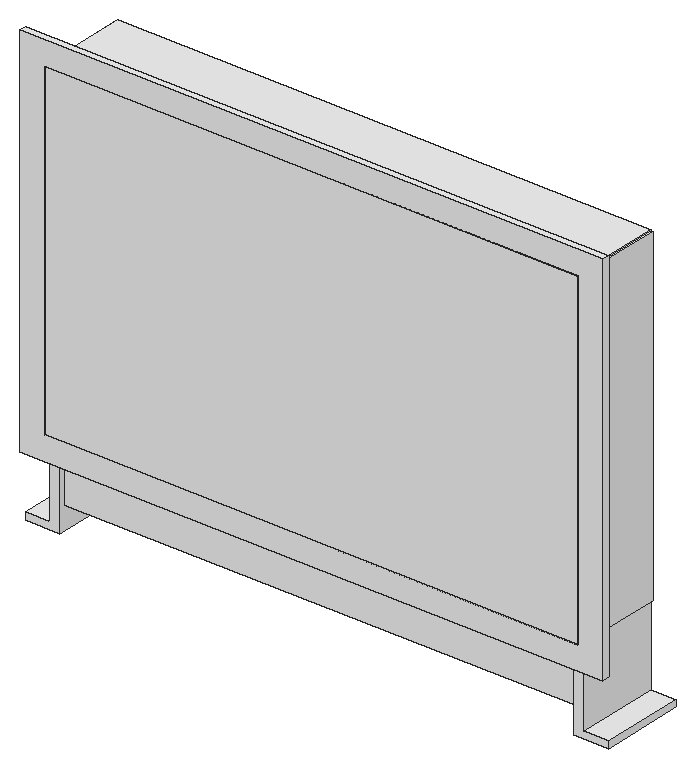
Revit family "1R553FP_1019IT", category Pipe Accessories, Revit 2018 (continued)
Definition of nested family "last regulator"
  Automatic sketch dimensions
    Extrusion 7 sketch curve to Extrusion 7 sketch curve = 1.039 mm
    Extrusion 8 sketch curve to plane 1 "Center (Front/Back)" = 5.116 mm
    plane 3 "Center (Left/Right)" to Extrusion 8 sketch curve = 9.912 mm
    Extrusion 8 sketch curve to Extrusion 8 sketch curve = 6.525 mm
    Extrusion 8 sketch curve to Extrusion 8 sketch curve = 1.039 mm
    plane 1 "Center (Front/Back)" to Extrusion 9 sketch curve = 6.021 mm
    plane 3 "Center (Left/Right)" to Extrusion 9 sketch curve = 9.379 mm
    Extrusion 9 sketch curve to Extrusion 9 sketch curve = 8.734 mm
    Extrusion 9 sketch curve to Extrusion 9 sketch curve = 1.039 mm
    Extrusion 10 sketch curve to plane 3 "Center (Left/Right)" = 0 mm  (x3)
    plane 1 "Center (Front/Back)" to Extrusion 10 sketch curve = 14.425 mm
    plane 1 "Center (Front/Back)" to Extrusion 10 sketch curve = 7.208 mm  (x2)
    Extrusion 10 sketch curve to plane 1 "Center (Front/Back)" = 0.009 mm
    Extrusion 10 sketch curve to plane 1 "Center (Front/Back)" = 7.225 mm  (x2)
    Extrusion 10 sketch curve to Extrusion 10 sketch curve = 7.217 mm
    plane 3 "Center (Left/Right)" to Extrusion 10 sketch curve = 12.5 mm
    Extrusion 10 sketch curve to plane 3 "Center (Left/Right)" = 12.5 mm
    Revolve 11 sketch curve to plane 1 "Center (Front/Back)" = 13.346 mm
    Revolve 11 sketch curve to Revolve 11 sketch curve = 0.922 mm
    Revolve 11 sketch curve to Revolve 11 sketch curve = 0.937 mm
    Revolve 11 sketch curve to Revolve 11 sketch curve = 0.028 mm
    Revolve 11 sketch curve to Revolve 11 sketch curve = 0 mm  (x5)
    Revolve 11 sketch curve to Revolve 11 sketch curve = 0.014 mm
    Revolve 11 sketch curve to Revolve 11 sketch curve = 0.713 mm  (x7)
    Revolve 11 sketch curve to Revolve 11 sketch curve = 0.726 mm
    level to Revolve 11 sketch curve = 17.3 mm
    Revolve 11 sketch curve to Revolve 11 sketch curve = 1.032 mm
    Revolve 11 sketch curve to Revolve 11 sketch curve = 0.741 mm
    Revolve 11 sketch curve to Revolve 11 sketch curve = 0.931 mm
    Revolve 11 sketch curve to plane 1 "Center (Front/Back)" = 0.009 mm
    level to Revolve 11 sketch curve = 11.05 mm
    Revolve 11 sketch curve to plane 4 = 11.319 mm
    Extrusion 12 sketch curve to plane 3 "Center (Left/Right)" = 0 mm  (x3)
    plane 1 "Center (Front/Back)" to Extrusion 12 sketch curve = 0 mm
    plane 1 "Center (Front/Back)" to Extrusion 12 sketch curve = 8.66 mm  (x2)
    plane 1 "Center (Front/Back)" to Extrusion 12 sketch curve = 17.321 mm
    Extrusion 12 sketch curve to plane 1 "Center (Front/Back)" = 8.66 mm  (x2)
    Extrusion 12 sketch curve to Extrusion 12 sketch curve = 8.66 mm
    plane 3 "Center (Left/Right)" to Extrusion 12 sketch curve = 15 mm
    Extrusion 12 sketch curve to plane 3 "Center (Left/Right)" = 15 mm
    Revolve 13 sketch curve to plane 3 "Center (Left/Right)" = 0 mm  (x2)
    Revolve 13 sketch curve to plane 3 "Center (Left/Right)" = 12.466 mm
    Revolve 13 sketch curve to plane 4 = 2.594 mm
    Revolve 13 sketch curve to Revolve 13 sketch curve = 0 mm
    Revolve 13 sketch curve to Revolve 13 sketch curve = 1.157 mm
    Revolve 13 sketch curve to Revolve 13 sketch curve = 0.968 mm  (x2)
    Revolve 13 sketch curve to plane 4 = 3.751 mm
    Revolve 13 sketch curve to Revolve 13 sketch curve = 5.944 mm
    Revolve 13 sketch curve to Revolve 13 sketch curve = 7.881 mm
    Revolve 13 sketch curve to Revolve 13 sketch curve = 6.11 mm
    plane 4 to Revolve 13 sketch curve = 3.077 mm
    Revolve 14 sketch curve to plane 3 "Center (Left/Right)" = 0 mm  (x2)
    Revolve 14 sketch curve to plane 4 = 0 mm
    plane 3 "Center (Left/Right)" to Revolve 14 sketch curve = 17.125 mm
    Revolve 14 sketch curve to plane 5 = 19.608 mm
    Revolve 14 sketch curve to Revolve 14 sketch curve = 18.992 mm
    Revolve 14 sketch curve to Revolve 14 sketch curve = 22.888 mm
    plane 3 "Center (Left/Right)" to Extrusion 15 sketch curve = 20.309 mm
    Extrusion 15 sketch curve to Extrusion 15 sketch curve = 0.597 mm  (x2)
    Extrusion 15 sketch curve to Extrusion 15 sketch curve = 0.776 mm
    Extrusion 15 sketch curve to Extrusion 15 sketch curve = 1.299 mm
    Extrusion 15 sketch curve to Extrusion 15 sketch curve = 1.449 mm
    Extrusion 15 sketch curve to Extrusion 15 sketch curve = 0.807 mm
    Extrusion 15 sketch curve to plane 5 = 19.608 mm
    Extrusion 15 sketch curve to Extrusion 15 sketch curve = 1.208 mm
    Extrusion 15 sketch curve to Extrusion 15 sketch curve = 0.803 mm
    Extrusion 15 sketch curve to Extrusion 15 sketch curve = 0.601 mm
    Extrusion 16 sketch curve to plane 3 "Center (Left/Right)" = 20.411 mm
    Extrusion 16 sketch curve to Extrusion 16 sketch curve = 0.597 mm  (x2)
    Extrusion 16 sketch curve to Extrusion 16 sketch curve = 0.776 mm
    Extrusion 16 sketch curve to Extrusion 16 sketch curve = 1.299 mm
    Extrusion 16 sketch curve to Extrusion 16 sketch curve = 1.449 mm
    Extrusion 16 sketch curve to Extrusion 16 sketch curve = 0.807 mm
    Extrusion 16 sketch curve to plane 5 = 19.608 mm
    Extrusion 16 sketch curve to Extrusion 16 sketch curve = 1.208 mm
    Extrusion 16 sketch curve to Extrusion 16 sketch curve = 0.803 mm
    Extrusion 16 sketch curve to Extrusion 16 sketch curve = 0.601 mm
    Revolve 17 sketch curve to plane 5 = 0 mm  (x2)
    plane 3 "Center (Left/Right)" to Revolve 17 sketch curve = 16.507 mm
    Revolve 17 sketch curve to Revolve 17 sketch curve = 2.17 mm  (x2)
    Revolve 17 sketch curve to Revolve 17 sketch curve = 21.5 mm
    Revolve 17 sketch curve to Revolve 17 sketch curve = 2.343 mm
    Revolve 17 sketch curve to plane 5 = 16.665 mm
    Revolve 17 sketch curve to Revolve 17 sketch curve = 16.838 mm
    plane 3 "Center (Left/Right)" to Revolve 17 sketch curve = 1.563 mm
    Revolve 17 sketch curve to Revolve 17 sketch curve = 24.042 mm
    radius of Extrusion 3 sketch curve = 1.156 mm
    radius of Extrusion 10 sketch curve = 11.904 mm
    radius of Extrusion 12 sketch curve = 14.53 mm
Definition of nested family "CAP Last "
  Reference planes
    plane 1 "Center (Front/Back)": y = 0
    plane 2: z = 0
    plane 3 "Center (Left/Right)": x = 0
    plane 4: y = -18.487
    plane 5: y = 18.365
    plane 6: y = 0
    plane 7: x = 50
    plane 8: z = 12.042
    plane 9: z = 91.037
    plane 10: z = 51.54
  Forms (mm)
    Extrusion 1, solid
      sketch origin (-0.186, 0, 9.763) x (1, 0, 0) y (0, 1, 0)
        loop
          line (14, 0) -> (7, 12.124) -> (-7, 12.124) -> (-14, 0) -> (-7, -12.124) -> (7, -12.124) -> (14, 0)
        loop
          circle (0, 0) r 10
      from 14.741 to 21.458
    Revolve 2, solid
      sketch origin (0, -0.255, 14.816) x (0, 1, 0) y (0, 0, 1)
        loop
          line (-10.111, 5.44) -> (-11.69, 3.861) -> (-10.742, 2.913) -> (-11.69, 1.965) -> (-10.742, 1.017) -> (-11.69, 0.07) -> (-10.742, -0.878) -> (-11.69, -1.826) -> (-10.742, -2.774) -> (-8.739, -2.774) -> (-8.739, 9.688) -> (-10.111, 9.688) -> (-10.111, 5.44)
        axis (0.255, 9.688) -> (0.255, -2.774)
      angle from 0 to 360
    Extrusion 3, solid
      sketch origin (0, 0, 0.403) x (1, 0, 0) y (0, 1, 0)
        loop
          line (14.104, 8.143) -> (0, 16.286) -> (-14.104, 8.143) -> (-14.104, -8.143) -> (0, -16.286) -> (14.104, -8.143) -> (14.104, 8.143)
        loop
          circle (0, 0) r 13.143
      from 69.435 to 69.99
    Revolve 4, solid
      sketch origin (0, 0, 0) x (1, 0, 0) y (0, 0, 1)
        loop
          line (0, 69.838) -> (-14.186, 69.838) -> (-14.186, 31.222) -> (0, 31.222) -> (0, 69.838)
        axis (0, 69.838) -> (0, 31.222)
      angle from 0 to 360
    Revolve 5, solid
      sketch origin (0, 0, -1.25) x (1, 0, 0) y (0, 0, 1)
        loop
          line (14.116, 51.54) -> (43.111, 51.54) -> (43.111, 69.735) -> (40.493, 71.246) -> (16.733, 71.246) -> (14.116, 69.735) -> (14.116, 51.54)
        axis (14.116, 51.54) -> (43.111, 51.54)
      angle from 0 to 360
    Extrusion 6, solid
      sketch origin (0, 0, 0) x (1, 0, 0) y (0, 1, 0)
        loop
          arc (-1.222, 15.953) -> (-6.252, 14.728) -> (-10.627, 11.961) r 16
          arc (-10.627, 11.961) -> (-12.355, 11.931) -> (-12.325, 10.203) r 1.222
          arc (-12.325, 10.203) -> (-14.835, 5.994) -> (-15.953, 1.222) r 16
          arc (-15.953, 1.222) -> (-17.176, 0) -> (-15.953, -1.222) r 1.222
          arc (-15.953, -1.222) -> (-14.835, -5.994) -> (-12.325, -10.203) r 16
          arc (-12.325, -10.203) -> (-12.355, -11.931) -> (-10.627, -11.961) r 1.222
          arc (-10.627, -11.961) -> (-6.252, -14.728) -> (-1.222, -15.953) r 16
          arc (-1.222, -15.953) -> (0, -17.176) -> (1.222, -15.953) r 1.222
          arc (1.222, -15.953) -> (6.252, -14.728) -> (10.627, -11.961) r 16
          arc (10.627, -11.961) -> (12.355, -11.931) -> (12.325, -10.203) r 1.222
          arc (12.325, -10.203) -> (14.835, -5.994) -> (15.953, -1.222) r 16
          arc (15.953, -1.222) -> (17.176, 0) -> (15.953, 1.222) r 1.222
          arc (15.953, 1.222) -> (14.835, 5.994) -> (12.325, 10.203) r 16
          arc (12.325, 10.203) -> (12.355, 11.931) -> (10.627, 11.961) r 1.222
          arc (10.627, 11.961) -> (6.252, 14.728) -> (1.222, 15.953) r 16
          arc (1.222, 15.953) -> (0, 17.176) -> (-1.222, 15.953) r 1.222
      from 70.393 to 91.037
  Dimensions and locks
    plane 9 to plane 8 = 78.994 mm
    equal spacing: plane 9, plane 10, plane 8
    aligned and locked: level to plane 2
  Automatic sketch dimensions
    plane 1 "Center (Front/Back)" to Extrusion 1 sketch curve = 0 mm  (x3)
    Extrusion 1 sketch curve to plane 3 "Center (Left/Right)" = 14.186 mm
    Extrusion 1 sketch curve to plane 3 "Center (Left/Right)" = 7.186 mm  (x2)
    Extrusion 1 sketch curve to plane 3 "Center (Left/Right)" = 0.186 mm
    plane 3 "Center (Left/Right)" to Extrusion 1 sketch curve = 6.814 mm  (x2)
    plane 3 "Center (Left/Right)" to Extrusion 1 sketch curve = 13.814 mm
    plane 4 to Extrusion 1 sketch curve = 6.363 mm
    Extrusion 1 sketch curve to plane 5 = 6.24 mm
    plane 8 to Revolve 2 sketch curve = 0 mm
    Revolve 2 sketch curve to plane 1 "Center (Front/Back)" = 0 mm
    plane 1 "Center (Front/Back)" to Revolve 2 sketch curve = 8.993 mm
    Revolve 2 sketch curve to Revolve 2 sketch curve = 1.372 mm
    Revolve 2 sketch curve to Revolve 2 sketch curve = 2.004 mm
    Revolve 2 sketch curve to plane 8 = 1.896 mm
    Revolve 2 sketch curve to Revolve 2 sketch curve = 0 mm  (x2)
    Revolve 2 sketch curve to Revolve 2 sketch curve = 0.632 mm
    Revolve 2 sketch curve to plane 8 = 4.739 mm
    Revolve 2 sketch curve to Revolve 2 sketch curve = 0.948 mm  (x2)
    Revolve 2 sketch curve to plane 8 = 2.843 mm
    Revolve 2 sketch curve to Revolve 2 sketch curve = 4.248 mm
    plane 8 to Revolve 2 sketch curve = 2.279 mm
    Revolve 2 sketch curve to Revolve 2 sketch curve = 1.125 mm
    Extrusion 3 sketch curve to plane 3 "Center (Left/Right)" = 0 mm  (x3)
    plane 1 "Center (Front/Back)" to Extrusion 3 sketch curve = 0 mm
    Extrusion 3 sketch curve to plane 3 "Center (Left/Right)" = 14.104 mm
    plane 3 "Center (Left/Right)" to Extrusion 3 sketch curve = 14.104 mm
    plane 1 "Center (Front/Back)" to Extrusion 3 sketch curve = 8.143 mm  (x2)
    plane 4 to Extrusion 3 sketch curve = 2.202 mm
    Extrusion 3 sketch curve to plane 1 "Center (Front/Back)" = 8.143 mm  (x2)
    Extrusion 3 sketch curve to plane 5 = 2.079 mm
    Revolve 4 sketch curve to plane 3 "Center (Left/Right)" = 0 mm  (x2)
    Revolve 4 sketch curve to plane 3 "Center (Left/Right)" = 14.186 mm
    plane 10 to Revolve 4 sketch curve = 20.318 mm
    Revolve 4 sketch curve to plane 10 = 18.298 mm
    level to Revolve 4 sketch curve = 5.869 mm
    Revolve 4 sketch curve to Revolve 4 sketch curve = 1.888 mm
    plane 10 to Revolve 5 sketch curve = 1.25 mm  (x2)
    plane 3 "Center (Left/Right)" to Revolve 5 sketch curve = 14.116 mm
    Revolve 5 sketch curve to Revolve 5 sketch curve = 2.617 mm  (x2)
    Revolve 5 sketch curve to plane 7 = 9.507 mm
    Revolve 5 sketch curve to plane 10 = 16.945 mm  (x2)
    Revolve 5 sketch curve to Revolve 5 sketch curve = 1.511 mm
    plane 3 "Center (Left/Right)" to Revolve 5 sketch curve = 7.026 mm
    Revolve 5 sketch curve to Revolve 5 sketch curve = 4.22 mm
    Extrusion 6 sketch curve to Extrusion 6 sketch curve = 0 mm  (x56)
    plane 1 "Center (Front/Back)" to Extrusion 6 sketch curve = 0 mm  (x3)
    Extrusion 6 sketch curve to plane 3 "Center (Left/Right)" = 0 mm  (x3)
    Extrusion 6 sketch curve to plane 5 = 7.282 mm  (x2)
    Extrusion 6 sketch curve to plane 3 "Center (Left/Right)" = 11.476 mm  (x2)
    plane 4 to Extrusion 6 sketch curve = 7.405 mm  (x2)
    Extrusion 6 sketch curve to Extrusion 6 sketch curve = 4.477 mm  (x2)
    plane 3 "Center (Left/Right)" to Extrusion 6 sketch curve = 11.476 mm  (x2)
    plane 4 to Extrusion 6 sketch curve = 2.534 mm
    Extrusion 6 sketch curve to plane 5 = 2.411 mm
    Extrusion 6 sketch curve to plane 3 "Center (Left/Right)" = 1.222 mm
    Extrusion 6 sketch curve to Extrusion 6 sketch curve = 1.222 mm
    Extrusion 6 sketch curve to Extrusion 6 sketch curve = 0.849 mm  (x6)
    radius of Extrusion 1 sketch curve = 10 mm
    radius of Extrusion 3 sketch curve = 13.143 mm
Definition of nested family "Giacomini Logo"
  Parameters (values of type "Hot Water ball valve")
    Material [instance] = none
  Reference planes
    plane 1 "Center (Front/Back)": y = 0
    plane 2: z = 0
    plane 3 "Center (Left/Right)": x = 0
    plane 4: x = 105
    plane 5 "MODEL TEXT": x = -25.219
    plane 6: x = -24
    plane 7: y = -62.876
    plane 8 "LOGO": x = -18.662
  Forms (mm)
    Extrusion 1, solid, material <- "Material"
      sketch origin (-25.219, 0, -1.25) x (0, 0, -1) y (0, -1, 0)
        loop
          arc (-25.831, 62.394) -> (-26.149, 62.708) -> (-26.596, 62.719) r 0.606
          line (-26.596, 62.719) -> (-29.148, 62.13)
          arc (-29.148, 62.13) -> (-29.309, 63.322) -> (-29.846, 64.4) r 3.684
          arc (-29.846, 64.4) -> (-29.425, 64.435) -> (-29.025, 64.299) r 1.034
          line (-29.025, 64.299) -> (-28.213, 64.199) -> (-26.654, 64.363) -> (-25.834, 63.758) -> (-25.247, 64.345) -> (-25.247, 66.362) -> (-25.813, 66.928) -> (-25.955, 66.123) -> (-26.632, 64.951)
          arc (-26.632, 64.951) -> (-28.308, 65.154) -> (-29.938, 65.594) r 11.785
          arc (-29.938, 65.594) -> (-30.771, 65.35) -> (-31.121, 64.556) r 1.029
          arc (-31.121, 64.556) -> (-31.053, 63.709) -> (-30.885, 62.876) r 7.086
          arc (-30.885, 62.876) -> (-31.456, 62.772) -> (-31.976, 63.03) r 0.921
          arc (-31.976, 63.03) -> (-32.371, 63.599) -> (-33.062, 63.559) r 0.709
          line (-33.062, 63.559) -> (-34.393, 65.264) -> (-35.184, 65.264) -> (-36.776, 65.096)
          arc (-36.776, 65.096) -> (-37.299, 65.423) -> (-37.108, 66.01) r 0.501
          line (-37.108, 66.01) -> (-36.462, 66.552)
          arc (-36.462, 66.552) -> (-36.66, 67.031) -> (-37.166, 67.142) r 0.559
          arc (-37.166, 67.142) -> (-37.635, 66.394) -> (-38.454, 66.062) r 1.438
          arc (-38.454, 66.062) -> (-39.072, 65.951) -> (-39.655, 65.717) r 3.067
          arc (-39.655, 65.717) -> (-39.717, 65.153) -> (-39.466, 64.644) r 1.011
          line (-39.466, 64.644) -> (-38.909, 64.087) -> (-37.815, 63.169) -> (-37.457, 62.401) -> (-36.886, 60.987)
          arc (-36.886, 60.987) -> (-36.447, 60.5) -> (-35.799, 60.409) r 0.958
          line (-35.799, 60.409) -> (-33.432, 60.912)
          arc (-33.432, 60.912) -> (-31.981, 60.803) -> (-30.649, 60.218) r 4.314
          arc (-30.649, 60.218) -> (-29.146, 60.273) -> (-27.771, 60.883) r 3.972
          line (-27.771, 60.883) -> (-26.687, 61.534)
          arc (-26.687, 61.534) -> (-26.649, 60.462) -> (-26.39, 59.42) r 5.152
          arc (-26.39, 59.42) -> (-26.532, 58.958) -> (-26.72, 58.514) r 4.778
          arc (-26.72, 58.514) -> (-26.139, 57.953) -> (-25.837, 57.204) r 1.943
          line (-25.837, 57.204) -> (-25.049, 57.555)
          arc (-25.049, 57.555) -> (-25.637, 58.299) -> (-25.942, 59.197) r 2.791
          arc (-25.942, 59.197) -> (-25.739, 60.79) -> (-25.831, 62.394) r 8.726
        loop
          arc (-35.045, 69.098) -> (-33.226, 69.891) -> (-31.241, 69.906) r 4.951
          arc (-31.241, 69.906) -> (-31.276, 70.67) -> (-32.009, 70.889) r 0.661
          arc (-32.009, 70.889) -> (-33.8, 70.455) -> (-35.045, 69.098) r 3.165
        loop
          arc (-35.821, 67.09) -> (-33.179, 67.665) -> (-30.476, 67.652) r 12.353
          arc (-30.476, 67.652) -> (-33.261, 68.445) -> (-35.821, 67.09) r 3.883
        loop
          circle (-31.976, 62.717) r 9
      from -10.747 to -5.796
    Extrusion 2, solid, material <- "Material"
      sketch origin (-18.662, -55.916, 1203.438) x (0, 1, 0) y (0, 0, 1)
        loop
          line (4.516, -1182.125) -> (3.695, -1182.125) -> (2.628, -1185.056) -> (1.444, -1182.125) -> (0.623, -1182.125) -> (0.623, -1186.485) -> (1.423, -1186.485) -> (1.423, -1183.493) -> (2.628, -1186.475) -> (3.716, -1183.623) -> (3.716, -1186.485) -> (4.516, -1186.485) -> (4.516, -1182.125)
        loop
          line (-1.326, -1182.125) -> (-2.126, -1182.125) -> (-3.713, -1186.485) -> (-2.776, -1186.485) -> (-2.235, -1185) -> (-1.027, -1185) -> (-0.427, -1186.485) -> (0.435, -1186.485) -> (-1.326, -1182.125)
        loop
          line (-0.907, -1184.581) -> (-1.676, -1182.678) -> (-2.369, -1184.581) -> (-0.907, -1184.581)
        loop
          line (-3.908, -1182.125) -> (-5.263, -1182.125)
          arc (-5.263, -1182.125) -> (-7.443, -1184.305) -> (-5.263, -1186.485) r 2.18
          line (-5.263, -1186.485) -> (-3.908, -1186.485) -> (-3.908, -1182.125)
        loop
          line (-4.44, -1185.953) -> (-4.44, -1182.656) -> (-5.263, -1182.656)
          arc (-5.263, -1182.656) -> (-6.911, -1184.305) -> (-5.263, -1185.953) r 1.649
          line (-5.263, -1185.953) -> (-4.44, -1185.953)
        loop
          line (-7.828, -1182.125) -> (-9.911, -1182.125) -> (-9.911, -1182.925) -> (-8.565, -1182.925) -> (-8.565, -1184.123) -> (-9.911, -1184.123) -> (-9.911, -1184.923) -> (-8.565, -1184.923) -> (-8.565, -1185.953) -> (-9.911, -1185.953) -> (-9.911, -1186.753) -> (-7.828, -1186.753) -> (-7.828, -1182.125)
        loop
          line (-11.889, -1182.125) -> (-12.689, -1182.125) -> (-12.689, -1186.485) -> (-11.889, -1186.485) -> (-11.889, -1182.125)
        loop
          line (-13.532, -1182.125) -> (-14.753, -1182.125) -> (-16.653, -1185.416) -> (-16.653, -1182.125) -> (-17.453, -1182.125) -> (-17.453, -1186.485) -> (-16.346, -1186.485) -> (-14.332, -1182.997) -> (-14.332, -1186.485) -> (-13.532, -1186.485) -> (-13.532, -1182.125)
        loop
          line (-0.997, -1188.432) -> (-1.797, -1188.432) -> (-1.797, -1192.432) -> (-0.997, -1192.432) -> (-0.997, -1188.432)
        loop
          line (-3.49, -1192.432) -> (-3.49, -1189.249) -> (-2.399, -1189.249) -> (-2.399, -1188.432) -> (-5.326, -1188.432) -> (-5.326, -1189.249) -> (-4.29, -1189.249) -> (-4.29, -1192.432) -> (-3.49, -1192.432)
        loop
          line (-6.563, -1188.332) -> (-7.622, -1188.332) -> (-9.115, -1192.432) -> (-8.263, -1192.432) -> (-7.926, -1191.507) -> (-6.143, -1191.507) -> (-5.769, -1192.432) -> (-4.906, -1192.432) -> (-6.563, -1188.332)
        loop
          line (-6.312, -1191.088) -> (-7.081, -1189.185) -> (-7.774, -1191.088) -> (-6.312, -1191.088)
        loop
          line (-9.552, -1188.432) -> (-10.352, -1188.432) -> (-10.352, -1191.632) -> (-11.724, -1191.632) -> (-11.724, -1192.432) -> (-9.552, -1192.432) -> (-9.552, -1188.432)
        loop
          line (-11.37, -1188.808) -> (-11.935, -1188.242) -> (-12.935, -1189.242) -> (-13.934, -1188.242) -> (-14.5, -1188.808) -> (-13.469, -1189.839) -> (-13.469, -1192.432) -> (-12.669, -1192.432) -> (-12.669, -1190.107) -> (-11.37, -1188.808)
      from -0.888 to 20
  Dimensions and locks
    aligned and locked: level to plane 2
Types (12, lengths in mm): name | P | Model | Manifold 9 | Manifold 8 | Manifold 7 | Manifold 6 | Manifold 5 | Manifold 4 | Manifold 3 | Manifold 12 | Manifold 11 | Manifold 10 | Manifold 09 | Manifold 08 | Manifold 07 | Manifold 06 | Manifold 05 | Manifold 03 | Manifold 04 | Manifold .12 | Manifold .11 | Manifold .10 | Loss Method | L1 | L
  (no name) | 450 | "R553FPDB211" | 438 | 388 | 338 | 288 | 238 | 188 | 138 | yes | yes | yes | yes | yes | yes | yes | yes | yes | yes | 538 | 538 | 488 | (empty or 0) | 868 | 708
  R553FPDB212 | 500 | "R553FPDB212" | 438 | 388 | 338 | 288 | 238 | 188 | 138 | yes | yes | yes | yes | yes | yes | yes | yes | yes | yes | 588 | 538 | 488 | K Coefficient | 1068 | 758
  R553FPDB211 | 450 | "R553FPDB211" | 438 | 388 | 338 | 288 | 238 | 188 | 138 | yes | yes | yes | yes | yes | yes | yes | yes | yes | yes | 538 | 538 | 488 | Not Defined | 868 | 708
  R553FPDB210 | 400 | "R553FPDB210" | 438 | 388 | 338 | 288 | 238 | 188 | 138 | yes | yes | yes | yes | yes | yes | yes | yes | yes | yes | 488 | 488 | 488 | Not Defined | 868 | 658
  R553FPDB209 | 350 | "R553FPDB209" | 438 | 388 | 338 | 288 | 238 | 188 | 138 | yes | yes | yes | yes | yes | yes | yes | yes | yes | yes | 438 | 438 | 438 | Not Defined | 868 | 608
  R553FPDB208 | 300 | "R553FPDB208" | 388 | 388 | 338 | 288 | 238 | 188 | 138 | yes | yes | yes | yes | yes | yes | yes | yes | yes | yes | 388 | 388 | 388 | Not Defined | 868 | 558
  R553FPDB207 | 250 | "R553FPDB207" | 338 | 338 | 338 | 288 | 238 | 188 | 138 | yes | yes | yes | yes | yes | yes | yes | yes | yes | yes | 338 | 338 | 338 | Not Defined | 668 | 508
  R553FPDB206 | 200 | "R553FPDB206" | 288 | 288 | 288 | 288 | 238 | 188 | 138 | yes | yes | yes | yes | yes | yes | yes | yes | yes | yes | 288 | 288 | 288 | Not Defined | 668 | 458
  R553FPDB205 | 150 | "R553FPDB205" | 238 | 238 | 238 | 238 | 238 | 188 | 138 | yes | yes | yes | yes | yes | yes | yes | yes | yes | yes | 238 | 238 | 238 | Not Defined | 668 | 408
  R553FPDB204 | 100 | "R553FPDB204" | 188 | 188 | 188 | 188 | 188 | 188 | 138 | yes | yes | yes | yes | yes | yes | yes | yes | yes | yes | 188 | 188 | 188 | Not Defined | 668 | 358
  R553FPDB203 | 50 | "R553FPDB203" | 138 | 138 | 138 | 138 | 138 | 138 | 138 | yes | yes | yes | yes | yes | yes | yes | yes | yes | yes | 138 | 138 | 138 | Not Defined | 468 | 308
  R553FPDB202 | 50 | "R553FPDB202" | 88 | 88 | 88 | 88 | 88 | 88 | 88 | no | no | no | no | no | no | no | no | no | no | 88 | 88 | 88 | Not Defined | 468 | 258
